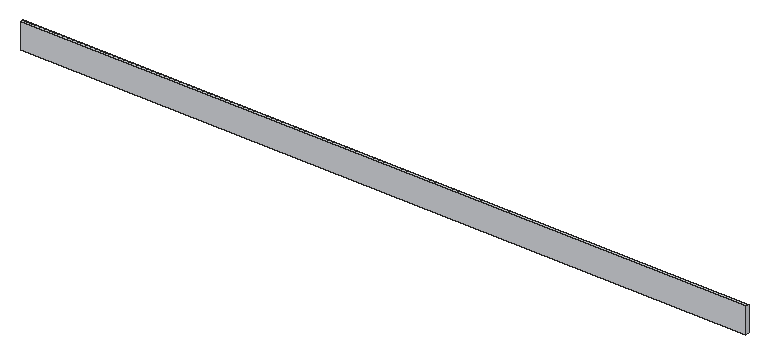
Revit family "направляющие НАСТЕННЫЕ", category Специальное оборудование, Revit 2021
Family settings
  Размер круглого соединителя = Использовать диаметр
  Тип детали = Нормальный
  На основе рабочей плоскости = Да
  Всегда вертикально = Нет
  При загрузке вырезать с полостями = Нет
  Общий = Да
  Точка принадлежности помещению = Нет
Parameters (values of type "Прокат_полоса_40х4")
  Ширина = 4 mm
  Число = 0 mm
  Труба_круг = no
  Труба_квадрат = yes
  Толщина стенки трубы = 1 mm
  Расчет [instance] = ""
  Прокат_круг = no
  Прокат_квадрат = no
  Позиция для ограждения = 0
  Default Elevation = 1219.2 mm
  Масса = 0.00 kg
  Марка ограждения [instance] = ""
  Группа модели = "Элемент ограждения"  # constant formula
  Высота/Диаметр = 40 mm
  Описание = "ОГ"
  Длина [instance] = 1150 mm
  ADSK_Размер_Длина [instance] = Длина  # 1150 mm
  ADSK_Позиция [instance] = ""
  ADSK_Обозначение = "С235 ГОСТ27772-2015"
  ADSK_Номер секции [instance] = ""
  ADSK_Наименование = "Полоса 4х25 ГОСТ 103-2006"
  ADSK_Масса погонного метра = 5  # constant formula
  ADSK_Масса [instance] = ADSK_Масса погонного метра * ADSK_Размер_Длина / 1000 mm  # 5.75
  ADSK_Марка [instance] = ""
Types (6, lengths in mm): name | Ширина | Труба_круг | Труба_квадрат | Толщина стенки трубы | Прокат_круг | Прокат_квадрат | Высота/Диаметр | Описание
  Труба_квадрат_40х100 | 40 | no | yes | 2.5 | no | no | 100 | "ОГ"
  Труба_круг_50х2.5 | 15 | yes | no | 2.5 | no | no | 50 | "ОГ"
  Прокат_круг_20х2,5 | 15 | no | no | 2.5 | yes | no | 20 | "ОГ"
  Прокат_квадрат_20х20 | 20 | no | no | 2.5 | no | yes | 20 | "ОГ"
  Прокат_полоса 25х4 | 4 | no | no | 1 | no | yes | 25 | 0
  Прокат_полоса_40х4 | 4 | no | yes | 1 | no | no | 40 | "ОГ"
Reference planes
  plane 1 "По центру (Вперед/Назад)": y = 0
  plane 2: z = 0
  plane 3 "По центру (Влево/Вправо)": x = 0
  plane 4: x = 1150
  plane 5: z = -40
  plane 6: z = -20
  plane 7: y = -2
  plane 8: y = 2
  plane 9: x = 575
Forms (mm)
  Sweep 1, solid, visible <- "Труба_круг"
    path in 3D
      loop
        line (0, 0, 0) -> (1150, 0, 0)
    profile "круглый профиль_полый : Круглый профиль_полый" origin (575, 0, 0) x (0, 1, 0) y (0, 0, 1)
      loop
        circle (0, -20) r 19
      loop
        circle (0, -20) r 20
  Sweep 2, solid, visible <- "Труба_квадрат"
    path in 3D
      loop
        line (0, 0, 0) -> (1150, 0, 0)
    profile "квадратный профиль_полый : Круглый профиль_полый" origin (575, 0, 0) x (0, 1, 0) y (0, 0, 1)
      loop
        line (-1, -1) -> (-1, -39) -> (1, -39) -> (1, -1) -> (-1, -1)
      loop
        line (-2, 0) -> (-2, -40) -> (2, -40) -> (2, 0) -> (-2, 0)
  Sweep 3, solid, visible <- "Прокат_квадрат"
    path in 3D
      loop
        line (0, 0, 0) -> (1150, 0, 0)
    profile "квадратный профиль : Круглый профиль_полый" origin (575, 0, 0) x (0, 1, 0) y (0, 0, 1)
      loop
        line (-2, 0) -> (-2, -40) -> (2, -40) -> (2, 0) -> (-2, 0)
  Sweep 4, solid, visible <- "Прокат_круг"
    path in 3D
      loop
        line (0, 0, 0) -> (1150, 0, 0)
    profile "круглый профиль : Круглый профиль_полый" origin (575, 0, 0) x (0, 1, 0) y (0, 0, 1)
      loop
        circle (0, -20) r 20
Lines and regions (mm)
  reference lines
    curve 1: line (0, 0, 0) -> (0, 0, -40)
    curve 2: line (0, 3, 0) -> (0, -3, 0)
    curve 3: line (0, 0, 0) -> (1150, 0, 0)
    curve 4: line (0, -2, -20) -> (0, 2, -20)
    curve 5: line (0, 0, -20) -> (1150, 0, -20)
    curve 6: line (0, -2, 0) -> (0, 2, 0)
    curve 7: line (0, -2, -40) -> (0, -2, 0)
    curve 8: line (0, 2, -40) -> (0, -2, -40)
    curve 9: line (0, 2, 0) -> (0, 2, -40)
    curve 10: line (0, 0, -40) -> (1150, 0, -40)
  sketch lines
    curve 11: line (0, 0, 0) -> (1150, 0, 0)
    curve 12: line (0, 0, 0) -> (1150, 0, 0)
    curve 13: line (0, 0, 0) -> (1150, 0, 0)
    curve 14: line (0, 0, 0) -> (1150, 0, 0)
Dimensions and locks
  "Длина": plane 4 to plane 3 "По центру (Влево/Вправо)"
  "Ширина": plane 7 to plane 8
  "Высота/Диаметр": plane 2 to plane 5
  equal spacing: plane 2, plane 6, plane 5
  equal spacing: plane 7, plane 1 "По центру (Вперед/Назад)", plane 8
  equal spacing: plane 3 "По центру (Влево/Вправо)", plane 9, plane 4
  aligned and locked: level to plane 2
  aligned and locked: plane 1 "По центру (Вперед/Назад)" to curve 1
  aligned and locked: curve 2 to plane 2
  aligned and locked: plane 3 "По центру (Влево/Вправо)" to curve 3
  aligned and locked: plane 4 to curve 3
  aligned and locked: plane 1 "По центру (Вперед/Назад)" to curve 3
  aligned and locked: curve 4 to plane 6
  aligned and locked: plane 8 to curve 4
  aligned and locked: plane 7 to curve 4
  aligned and locked: plane 5 to curve 1
  aligned and locked: plane 2 to curve 1
  aligned and locked: plane 2 to curve 3  (x2)
  aligned and locked: plane 3 "По центру (Влево/Вправо)" to curve 5
  aligned and locked: plane 4 to curve 5
  aligned and locked: curve 5 to plane 6
  aligned and locked: plane 7 to curve 7
  aligned and locked: plane 5 to curve 8
  aligned and locked: curve 9 to plane 8
  aligned and locked: curve 6 to plane 2
  aligned and locked: curve 1 to curve 10
  aligned and locked: Sweep 1 to curve 10
  aligned and locked: curve 10 to plane 5
  aligned and locked: plane 1 "По центру (Вперед/Назад)" to curve 5  (x3)
  aligned and locked: plane 6 to curve 5  (x2)
  aligned and locked: plane 3 "По центру (Влево/Вправо)" to Sweep 2
  aligned and locked: Sweep 2 to plane 4
  aligned and locked: plane 3 "По центру (Влево/Вправо)" to curve 6
  aligned and locked: plane 4 to Sweep 2  (x2)
  aligned and locked: plane 3 "По центру (Влево/Вправо)" to Sweep 1
  aligned and locked: Sweep 1 to plane 4
  aligned and locked: Sweep 4 to plane 4
  aligned and locked: plane 3 "По центру (Влево/Вправо)" to Sweep 4
  aligned and locked: plane 3 "По центру (Влево/Вправо)" to Sweep 3
  aligned and locked: Sweep 3 to plane 4
Automatic sketch dimensions
  plane 7 to curve 2 = 5 mm
  curve 2 to plane 8 = 5 mm
  plane 4 to curve 10 = 0 mm
